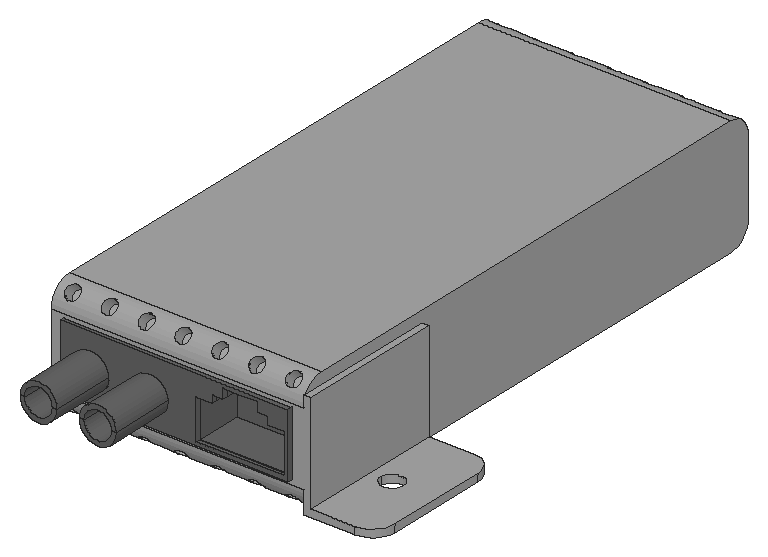
Revit family "NX-EOF-MC-01", category Communication Devices, host Face, Revit 2021
Family settings
  Host = Face
  Maintain Annotation Orientation = No
  Round Connector Dimension = Use Diameter
  Part Type = Normal
  OmniClass Number = 23.85.80.11.27
  OmniClass Title = Lighting Controls
  Cut with Voids When Loaded = No
  Shared = Yes
  Room Calculation Point = No
Parameters
  Warranty = "5-Years Warranty"  # constant formula
  Type Comments = "NX Media Converter"  # constant formula
  Product Page URL = ""
  Product Documentation Link = ""
  URL = "https://www.currentlighting.com/nxlightingcontrols"
  Model = "NX–EOF–MC–01"  # constant formula
  Manufacturer = " NX Lighting Controls"  # constant formula
  Width = 1.71"
  Features = "• Supports 10BASE-T, 100BASE-TX, 100BASE-FX and IEEE 802.3 specification\r\n• Multimode converter, supports up to 5km distance\r\n• Cost-effective, small and lightweight\r\n• RJ45 port supports Full/Half-Duplex auto-negotiation and MDI/MDIX\r\nauto-crossover\r\n• 120V AC Power Supply\r\n• LED indicators for RJ45 and fiber port status\r\n• 0º to 40ºC Operating Temperature\r\n• Wall mounting kit included"  # constant formula
  Certifications = "Conforms with UL, CE, FCC Class A "  # constant formula
  Black = Paint -  Carbon Black
  Height = 3.77"
  White = Paint -  Machined Aluminum
  Description = "The NX Media Converter allows a transition from copper based ethernet to fiber. When laying ethernet cables outside of a building, it is necessary to use fiber for a safe and reliable operation of a networked system. The NX Media Converter allows contractors to connect to NX based lighting control networks across multiple buildings with complete confidence."  # constant formula
  Default Elevation = 48.00"
  Copyright = "Copyright © NX Lighting Controls"  # constant formula
  Contact Us = ""
  Assembly Code = "D5090"
Reference planes (in)
  plane 1 "Center (Front/Back)": y = 13.01342
  plane 2: z = 0
  plane 3 "Center (Left/Right)": x = 0
  plane 4: x = -0.855
  plane 5: x = 0.855
  plane 6: y = 14.89842
  plane 7: y = 11.12842
  plane 8: z = -1.35
Forms (in)
  Extrusion 1, solid, material "Paint -  Machined Aluminum" <- "White"
    sketch origin (0, 0, 0) x (1, 0, 0) y (0, 1, 0)
      loop
        line (-0.855, 14.89842) -> (-1.205, 14.89842)
        arc (-1.205, 14.89842) -> (-1.31107, 14.85449) -> (-1.355, 14.74842) r 0.15
        line (-1.355, 14.74842) -> (-1.355, 14.04842)
        arc (-1.355, 14.04842) -> (-1.31107, 13.94235) -> (-1.205, 13.89842) r 0.15
        line (-1.205, 13.89842) -> (-0.855, 13.89842) -> (-0.855, 14.89842)
      loop
        circle (-1.055, 14.39842) r 0.078
    from 0.05 to 0
  Extrusion 2, solid, material "Paint -  Machined Aluminum" <- "White"
    sketch origin (0, 13.01342, 0) x (1, 0, 0) y (0, 0, 1)
      loop
        line (-0.855, 0.05) -> (-0.855, 0.72462) -> (-0.905, 0.72462) -> (-0.905, 0.05) -> (-0.855, 0.05)
    from -0.885 to -1.885
  Extrusion 3, solid, material "Paint -  Machined Aluminum" <- "White"
    sketch origin (0, 26.02684, 0) x (-1, 0, 0) y (0, -1, 0)
      loop
        line (-0.855, 14.89842) -> (-1.205, 14.89842)
        arc (-1.205, 14.89842) -> (-1.31107, 14.85449) -> (-1.355, 14.74842) r 0.15
        line (-1.355, 14.74842) -> (-1.355, 14.04842)
        arc (-1.355, 14.04842) -> (-1.31107, 13.94235) -> (-1.205, 13.89842) r 0.15
        line (-1.205, 13.89842) -> (-0.855, 13.89842) -> (-0.855, 14.89842)
      loop
        circle (-1.055, 14.39842) r 0.078
    from 0.05 to 0
  Extrusion 4, solid, material "Paint -  Machined Aluminum" <- "White"
    sketch origin (0, 12.75365, 0) x (-1, 0, 0) y (0, 0, 1)
      loop
        line (-0.855, 0.05) -> (-0.855, 0.72462) -> (-0.905, 0.72462) -> (-0.905, 0.05) -> (-0.855, 0.05)
    from -0.625 to -1.625
  Sweep 5, void
    path origin (0, 0, 0) x (0, 1, 0) y (0, 0, 1)
      loop
        line (11.23764, 0.70405) -> (11.12842, 0.81327)
    profile origin (0, 11.18303, 0.75866) x (0, -0.707107, -0.707107) y (1, 0, 0)
      loop
        circle (0, 0) r 0.05
      loop
        circle (0, 0.25) r 0.05
      loop
        circle (0, 0.5) r 0.05
      loop
        circle (0, 0.75) r 0.05
      loop
        circle (0, -0.25) r 0.05
      loop
        circle (0, -0.5) r 0.05
      loop
        circle (0, -0.75) r 0.05
  Extrusion 6, solid, material "Paint -  Machined Aluminum" <- "White"
    sketch origin (0, 0, 0) x (0, 1, 0) y (0, 0, 1)
      loop
        arc (14.89842, 0.65) -> (14.85422, 0.75607) -> (14.74816, 0.8) r 0.15
        line (14.74816, 0.8) -> (11.27868, 0.8)
        arc (11.27868, 0.8) -> (11.17262, 0.75607) -> (11.12868, 0.65) r 0.15
        line (11.12868, 0.65) -> (11.12868, 0.15)
        arc (11.12868, 0.15) -> (11.17262, 0.04393) -> (11.27868, 0) r 0.15
        line (11.27868, 0) -> (14.74816, 0)
        arc (14.74816, 0) -> (14.85422, 0.04393) -> (14.89842, 0.15) r 0.15
        line (14.89842, 0.15) -> (14.89842, 0.65)
    from 0.855 to -0.855
  Sweep 7, void
    path origin (0, 0, 0.8) x (0, 1, 0) y (0, 0, 1)
      loop
        line (11.23764, -0.70405) -> (11.12842, -0.81327)
    profile origin (0, 11.18303, 0.04134) x (0, 0.707107, -0.707107) y (1, 0, 0)
      loop
        circle (0, 0) r 0.05
      loop
        circle (0, 0.25) r 0.05
      loop
        circle (0, 0.5) r 0.05
      loop
        circle (0, 0.75) r 0.05
      loop
        circle (0, -0.25) r 0.05
      loop
        circle (0, -0.5) r 0.05
      loop
        circle (0, -0.75) r 0.05
  Sweep 8, void
    path origin (0, 26.02684, 0) x (0, -1, 0) y (0, 0, -1)
      loop
        line (11.23764, -0.70405) -> (11.12842, -0.81327)
    profile origin (0, 14.84381, 0.75866) x (0, -0.707107, 0.707107) y (1, 0, 0)
      loop
        circle (0, 0) r 0.05
      loop
        circle (0, 0.25) r 0.05
      loop
        circle (0, 0.5) r 0.05
      loop
        circle (0, 0.75) r 0.05
      loop
        circle (0, -0.25) r 0.05
      loop
        circle (0, -0.5) r 0.05
      loop
        circle (0, -0.75) r 0.05
  Sweep 9, void
    path origin (0, 26.02684, 0.8) x (0, -1, 0) y (0, 0, -1)
      loop
        line (11.23764, 0.70405) -> (11.12842, 0.81327)
    profile origin (0, 14.84381, 0.04134) x (0, 0.707107, 0.707107) y (1, 0, 0)
      loop
        circle (0, 0) r 0.05
      loop
        circle (0, 0.25) r 0.05
      loop
        circle (0, 0.5) r 0.05
      loop
        circle (0, 0.75) r 0.05
      loop
        circle (0, -0.25) r 0.05
      loop
        circle (0, -0.5) r 0.05
      loop
        circle (0, -0.75) r 0.05
  Revolve 10, solid, material "Paint -  Carbon Black" <- "Black"
    sketch origin (-0.17874, 0, 0.38332) x (1, 0, 0) y (0, 1, 0)
      loop
        line (-0.30002, 11.12842) -> (-0.30002, 10.66579) -> (-0.26902, 10.66579) -> (-0.26902, 11.12842) -> (-0.30002, 11.12842)
      axis (-0.39371, 11.12842) -> (-0.39371, 10.66579)
    angle from 0 to 360
  Revolve 11, solid, material "Paint -  Carbon Black" <- "Black"
    sketch origin (-0.56348, 0, 0.38332) x (-1, 0, 0) y (0, 1, 0)
      loop
        line (-0.30002, 11.12842) -> (-0.30002, 10.66579) -> (-0.26902, 10.66579) -> (-0.26902, 11.12842) -> (-0.30002, 11.12842)
      axis (-0.39371, 11.12842) -> (-0.39371, 10.66579)
    angle from 0 to 360
  Extrusion 12, void
    sketch origin (0, 13.01342, 0) x (1, 0, 0) y (0, 0, 1)
      loop
        line (0.14764, 0.20708) -> (0.7478, 0.20708) -> (0.7478, 0.48105) -> (0.63446, 0.48105) -> (0.63446, 0.53239) -> (0.56492, 0.53239) -> (0.56492, 0.5986) -> (0.44772, 0.5986) -> (0.33052, 0.5986) -> (0.33052, 0.53239) -> (0.26097, 0.53239) -> (0.26097, 0.48105) -> (0.14764, 0.48105) -> (0.14764, 0.20708)
    from 2.00079 to 1.56877
  Extrusion 13, solid, material "Paint -  Carbon Black" <- "Black"
    sketch origin (0, 13.01342, 0) x (1, 0, 0) y (0, 0, 1)
      loop
        line (0.77356, 0.18389) -> (0.77356, 0.62178) -> (-0.76935, 0.62178) -> (-0.76935, 0.18389) -> (0.77356, 0.18389)
    from 1.91405 to 1.885
Cuts and joins
  Sweep 5, Sweep 7, Sweep 8, Sweep 9, Extrusion 12 cuts Extrusion 6
  joined: Extrusion 1, Extrusion 2, Extrusion 3, Extrusion 4, Extrusion 6
  Extrusion 12 cuts Extrusion 13
Dimensions and locks (in)
  plane 2 to plane 8 = 1.35"
  "Width": plane 4 to plane 5
  equal spacing: plane 4, plane 3 "Center (Left/Right)", plane 5
  "Height": plane 7 to plane 6
  equal spacing: plane 7, plane 1 "Center (Front/Back)", plane 6
  Extrusion 1 sketch curve to Extrusion 1 sketch curve = 0.30"
  Extrusion 3 sketch curve to Extrusion 3 sketch curve = 0.30"
  aligned and locked: plane 2 to host face
  aligned and locked: level to host face
  aligned and locked: Extrusion 6 to plane 4
  aligned and locked: plane 5 to Extrusion 6
Automatic sketch dimensions
  host sketch curve to host sketch curve = 96.00"  (x2)
  plane 6 to Extrusion 1 sketch curve = 0.00"
  Extrusion 1 sketch curve to plane 4 = 0.00"
  Extrusion 1 sketch curve to plane 4 = 0.20"
  Extrusion 1 sketch curve to Extrusion 1 sketch curve = 0.15"  (x2)
  Extrusion 1 sketch curve to Extrusion 1 sketch curve = 0.35"  (x2)
  Extrusion 2 sketch curve to plane 4 = 0.00"
  Extrusion 2 sketch curve to plane 4 = 0.05"
  level to Extrusion 2 sketch curve = 0.05"
  Extrusion 2 sketch curve to Extrusion 2 sketch curve = 0.67462"
  plane 7 to Extrusion 3 sketch curve = 0.00"
  Extrusion 3 sketch curve to plane 5 = 0.00"
  plane 5 to Extrusion 3 sketch curve = 0.20"
  Extrusion 3 sketch curve to Extrusion 3 sketch curve = 0.15"  (x2)
  Extrusion 3 sketch curve to Extrusion 3 sketch curve = 0.35"  (x2)
  Extrusion 4 sketch curve to plane 5 = 0.00"
  Extrusion 4 sketch curve to Extrusion 4 sketch curve = 0.05"
  level to Extrusion 4 sketch curve = 0.05"
  Extrusion 4 sketch curve to Extrusion 4 sketch curve = 0.67462"
  Sweep 5 sketch curve to plane 7 = 0.00"
  Sweep 5 sketch curve to plane 7 = 0.10922"
  level to Sweep 5 sketch curve = 0.70405"
  Sweep 5 sketch curve to Sweep 5 sketch curve = 0.10922"
  Sweep 5 sketch curve to profile plane = 0.00"  (x7)
  Sweep 5 sketch curve to plane 3 "Center (Left/Right)" = 0.00"
  Sweep 5 sketch curve to plane 3 "Center (Left/Right)" = 0.25"
  Sweep 5 sketch curve to Sweep 5 sketch curve = 0.25"  (x4)
  plane 3 "Center (Left/Right)" to Sweep 5 sketch curve = 0.25"
  Extrusion 6 sketch curve to level = 0.00"
  Extrusion 6 sketch curve to plane 6 = 0.00"
  plane 6 to Extrusion 6 sketch curve = 0.15026"  (x2)
  Extrusion 6 sketch curve to plane 7 = 0.15026"  (x2)
  Extrusion 6 sketch curve to plane 7 = 0.00026"
  level to Extrusion 6 sketch curve = 0.15"  (x2)
  Extrusion 6 sketch curve to Extrusion 6 sketch curve = 0.50"  (x2)
  Extrusion 6 sketch curve to Extrusion 6 sketch curve = 0.00"
  Sweep 7 sketch curve to plane 7 = 0.00"
  Sweep 7 sketch curve to level = 0.01327"
  Sweep 7 sketch curve to plane 7 = 0.10922"
  level to Sweep 7 sketch curve = 0.09595"
  Sweep 7 sketch curve to profile plane = 0.00"  (x7)
  Sweep 7 sketch curve to plane 3 "Center (Left/Right)" = 0.00"
  Sweep 7 sketch curve to plane 3 "Center (Left/Right)" = 0.25"
  Sweep 7 sketch curve to Sweep 7 sketch curve = 0.25"  (x5)
  Sweep 8 sketch curve to plane 6 = 0.00"
  level to Sweep 8 sketch curve = 0.81327"
  plane 6 to Sweep 8 sketch curve = 0.10922"
  Sweep 8 sketch curve to Sweep 8 sketch curve = 0.10922"
  Sweep 8 sketch curve to profile plane = 0.00"  (x7)
  Sweep 8 sketch curve to plane 3 "Center (Left/Right)" = 0.00"
  Sweep 8 sketch curve to plane 3 "Center (Left/Right)" = 0.25"
  Sweep 8 sketch curve to Sweep 8 sketch curve = 0.25"  (x5)
  Sweep 9 sketch curve to plane 6 = 0.00"
  level to Sweep 9 sketch curve = 0.09595"
  plane 6 to Sweep 9 sketch curve = 0.10922"
  Sweep 9 sketch curve to level = 0.01327"
  Sweep 9 sketch curve to profile plane = 0.00"  (x7)
  Sweep 9 sketch curve to plane 3 "Center (Left/Right)" = 0.00"
  Sweep 9 sketch curve to plane 3 "Center (Left/Right)" = 0.25"
  Sweep 9 sketch curve to Sweep 9 sketch curve = 0.25"  (x5)
  plane 7 to Revolve 10 sketch curve = 0.00"
  plane 4 to Revolve 10 sketch curve = 0.37624"
  Revolve 10 sketch curve to Revolve 10 sketch curve = 0.031"
  plane 7 to Revolve 10 sketch curve = 0.46263"
  Revolve 10 sketch curve to Revolve 10 sketch curve = 0.0937"
  Revolve 10 sketch curve to Revolve 10 sketch curve = 0.03906"
  Revolve 10 sketch curve to plane 7 = 0.17889"
  plane 7 to Revolve 11 sketch curve = 0.00"
  plane 3 "Center (Left/Right)" to Revolve 11 sketch curve = 0.26346"
  Revolve 11 sketch curve to Revolve 11 sketch curve = 0.031"
  Revolve 11 sketch curve to plane 7 = 0.46263"
  plane 3 "Center (Left/Right)" to Revolve 11 sketch curve = 0.16976"
  Revolve 11 sketch curve to Revolve 11 sketch curve = 0.03906"
  plane 7 to Revolve 11 sketch curve = 0.17889"
  plane 3 "Center (Left/Right)" to Extrusion 12 sketch curve = 0.14764"
  Extrusion 12 sketch curve to Extrusion 12 sketch curve = 0.11334"
  Extrusion 12 sketch curve to Extrusion 12 sketch curve = 0.06955"  (x2)
  Extrusion 12 sketch curve to Extrusion 12 sketch curve = 0.1172"  (x2)
  Extrusion 12 sketch curve to plane 5 = 0.1072"
  level to Extrusion 12 sketch curve = 0.20708"
  Extrusion 12 sketch curve to Extrusion 12 sketch curve = 0.27397"  (x2)
  Extrusion 12 sketch curve to Extrusion 12 sketch curve = 0.05135"  (x2)
  Extrusion 12 sketch curve to Extrusion 12 sketch curve = 0.06621"
  plane 4 to Extrusion 13 sketch curve = 0.08565"
  Extrusion 13 sketch curve to plane 5 = 0.08144"
  level to Extrusion 13 sketch curve = 0.18389"
  Extrusion 13 sketch curve to Extrusion 13 sketch curve = 0.43789"
  radius of Extrusion 1 sketch curve = 0.078"
  radius of Extrusion 3 sketch curve = 0.078"
  radius of Sweep 5 sketch curve = 0.05"  (x7)
  radius of Sweep 7 sketch curve = 0.05"  (x7)
  radius of Sweep 8 sketch curve = 0.05"  (x7)
  radius of Sweep 9 sketch curve = 0.05"  (x7)
Connectors (in)
  electrical at (0, 13.01342, 0.8)
    settings: on cut or joined group of Extrusion 1, Extrusion 2, Extrusion 3, Extrusion 4, Sweep 5, Extrusion 6, Sweep 7, Sweep 8, Sweep 9, Extrusion 12, index 1, voltage 0 V, apparent load 0 VA, apparent load phase1 0 VA, apparent load phase2 0 VA, apparent load phase3 0 VA, power factor 1, load classification "Other", number of poles 1, system type 13, power factor state 1, is connector primary yes, connector utility no, sub classification motor no, connector description "NX MEDIA CONVERTER"
